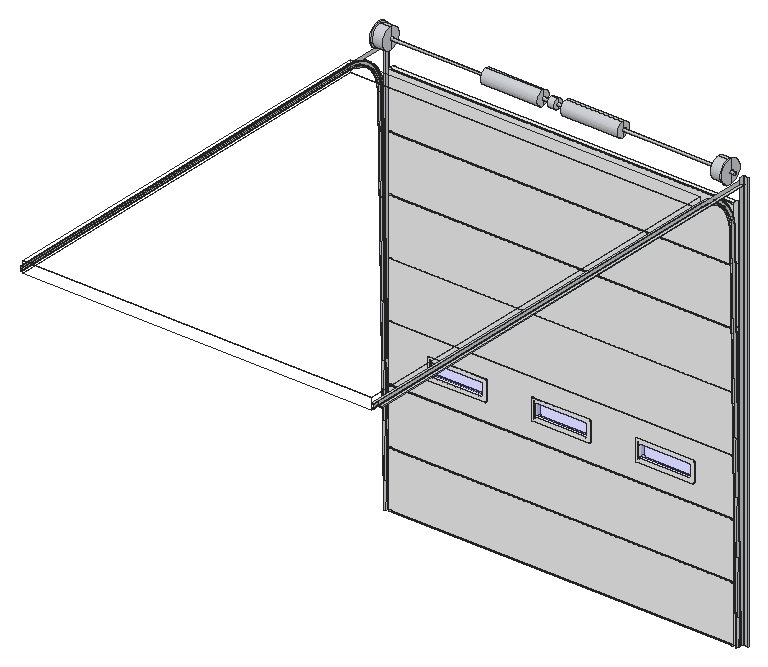
Revit family
Parameters (values of type "By Type")
  Windload = "Doors available rated for various design pressures; consult Clopay for avaialbility and specifications"
  VisSection6 = NumSections = 6  # no
  VisSection5 = NumSections > 4  # yes
  VisSection4 = NumSections > 3  # yes
  VisSection3 = NumSections > 2  # yes
  VisArray = NumSections > 6  # yes
  URL = "www.clopaydoor.com"
  Track Type = Track - Standard Lift : 15" Radius
  Track = "Galvanized steel (gauge varies according to door size)"
  Thickness = 0' - 3"  # constant formula
  Spec Wizard = "http://www.arcat.com/specwizard/08360clo/index.htm"
  Section Height = Height / NumSections  # 2' - 0"
  Section 5 Glazing = 3300 Section : Solid
  Section 4 Glazing = 3300 Section : Solid
  Section 3 Glazing = 3300 Section : Windows - 24x8
  Sales Information = "http://www.clopaydoor.com/where-to-buy.aspx?type=dealer"
  Rough Width = 0' - 0"  # constant formula
  Rough Height = 0' - 0"  # constant formula
  Roof Pitch = 0
  R-Value = "12.15"
  Product Features and Benefits = "http://www.clopaydoor.com/insulated-polystyrene-applications.aspx"
  Overlapping Jamb = yes
  Overlap = if(Overlapping Jamb, 0' 1", 0' 0")  # 0' - 1"
  Opening Width = 12' - 0"
  Opening Height = 14' - 0"
  Opener - Jackshaft Right Side = no
  Opener - Trolley = no
  Opener - Jackshaft Left Side = no
  Omniclass Table = "23-30 10 17 37 "
  NumSectionsNotRounded = Height / 2' 0"  # 7
  NumSections = NumSectionsNotRounded + 0.4999  # 7
  NumArraySections = if(NumSections > 6, NumSections - 5, 2)  # 2
  Model = "3300"
  Maximum Size = "Maximum 28' 2'' wide by 26' 0'' high. Additional limitations may apply do to door weight. Consult Clopay for specificiations and shop drawings."  # constant formula
  Manufacturer Website = "http://www.clopaydoor.com"
  Manufacturer Phone Number = "1-800-526-4301"
  Manufacturer Address = "1400 W. Market St., Troy, OH 45373"
  Manufacturer = "Clopay Building Products Company"
  LEED = "http://products.construction.com/swts_content_files/151607/303186.pdf"
  Keynote = "08 36 13"
  Interior Steel = "28 ga. galvanized, primed, and finish painted"
  High Lift = 4' - 0"
  Hardware = "14 ga. min. steel hinges; 10-ball steel rollers"
  GreenFormat = "http://www.greenformat.com/products/1541-Polystyrene-Insulated-Doors"
  Function = (empty or 0)
  Height = Opening Height + Rough Width * 0  # 14' - 0"
  Wall Closure = (empty or 0)
  Width = Opening Width + Rough Width * 0  # 12' - 0"
  FloorToSection7 = 6 * Section Height  # 12' - 0"
  FloorToSection6 = 5 * Section Height  # 10' - 0"
  FloorToSection5 = 4 * Section Height  # 8' - 0"
  FloorToSection4 = 3 * Section Height  # 6' - 0"
  FloorToSection3 = 2 * Section Height  # 4' - 0"
  FloorToSection2 = Section Height  # 2' - 0"
  File Revision = "01 (Aug, 2012)"
  Exterior Steel = "25 ga. galvanized, primed, and finish painted"
  Double Torsion Shaft = no
  Double End Stiles = Door Width > 14' 2"  # no
  Door Width = Opening Width + Overlap * 2  # 12' - 2"
  Door Height = Opening Height + Rough Width * 0  # 14' - 0"
  Description = "3'' thick polystyrene insulated, stucco embossed 25 gauge steel exterior with light ribbed pattern."
  Core Material = "Expanded polystyrene"
  Copyright = "2010, Clopay Building Products Company, Inc."
  Color = White
  CAD and Specifications = "http://www.clopaydoor.com/insulated-polystyrene-specs.aspx"
  Assembly Code = "B2030410"
Reference planes (in)
  plane 1 "Center (Front/Back)": y = 0
  plane 2 "Center (Left/Right)": x = 0
  plane 3 "Left": x = -72
  plane 4 "Right": x = 72
  plane 5 "Top": z = 168
  plane 6 "Exterior": y = 3
  plane 7 "Interior": y = -3
  plane 8: z = 120
  plane 9: z = 144
Lines and regions (in)
  Opening 1
    outline origin (-90, -3, 0) x (1, 0, 0) y (0, 0, 1)
      loop
        line (18, 0) -> (162, 0) -> (162, 168) -> (18, 168) -> (18, 0)
Text (in)
  text "Exterior" at (-74.96733, 27.31104, 0), in view "Ref. Level"
  text "Interior" at (-74.96733, -25.14366, 0), in view "Ref. Level"
  text "Exterior" at (0, 40.15149, 123.01588), in view "Right"
  text "Interior" at (0, -64.39139, 123.01588), in view "Right"
  text "Interior" at (0, -31.01599, 123.00693), in view "Left"
  text "Exterior" at (0, 54.57065, 123.00693), in view "Left"
Dimensions and locks (in)
  equal spacing: plane 3 "Left", plane 2 "Center (Left/Right)", plane 4 "Right"
  "Height": level to plane 5 "Top"
  "Width": plane 3 "Left" to plane 4 "Right"
  host wall to plane 5 "Top" = 14' - 0"
  nested 2 to plane 7 "Interior" = 0' - 0 1/2"
  "FloorToSection6": plane 8 to level
  "FloorToSection7": plane 9 to level
  group 1 to group 2 = 0' - 0"  (x2)
  group 1 to group 2 = 2' - 0"
  aligned and locked: plane 3 "Left" to Opening 1 sketch curve
  aligned and locked: plane 5 "Top" to Opening 1 sketch curve  (x2)
  aligned and locked: Opening 1 sketch curve to plane 4 "Right"
  aligned and locked: Opening 1 sketch curve to level
  aligned and locked: plane 6 "Exterior" to host wall
  aligned and locked: host wall to plane 7 "Interior"
  aligned and locked: nested 1 to plane 2 "Center (Left/Right)"
  aligned and locked: nested 2 to nested 1
  aligned and locked: plane 2 "Center (Left/Right)" to nested 3
  aligned and locked: plane 2 "Center (Left/Right)" to nested 4
  aligned and locked: plane 2 "Center (Left/Right)" to nested 5
  aligned and locked: nested 6 to nested 1
  aligned and locked: plane 2 "Center (Left/Right)" to nested 7
  aligned and locked: nested 7 to plane 8
  aligned and locked: nested 8 to plane 9
  aligned and locked: plane 2 "Center (Left/Right)" to nested 11
  aligned and locked: plane 7 "Interior" to nested 3
  aligned and locked: plane 7 "Interior" to nested 4
  aligned and locked: plane 7 "Interior" to nested 5  (x2)
  aligned and locked: plane 7 "Interior" to nested 11  (x2)
  aligned and locked: plane 7 "Interior" to nested 8
  aligned and locked: nested 2 to nested 8
  aligned and locked: nested 2 to nested 7
  aligned and locked: host wall to nested 4
Nested families (in)
  nested 1: "Track - Standard Lift" at (0, 0, 0) x (-1, 0, 0) z (0, 0, 1), type <- "Track Type", type "15" Radius"
    with WallToRadiusCenter 1' - 9.33333", VerticalAngleLength 14' - 10", Vertical Track Length 13' - 4", TrackToTrack 12' - 4", Roof Pitch Deg 0.00°, Roof Pitch 0, HorizontalAngleLength -16' - 2.33333", Horizontal Track Length 14' - 6", FloorToTrolleyRail 15' - 8", FloorToShaftCL 15' - 2", FloorToJackShaft 15' - 5", Double Torsion Shaft no, Door Width 12' - 2", Door Height 14' - 0", CenterToLHTrack 6' - 2", HorizontalTrackAngle 90.00°, CenterToRHTrack -6' - 2", CenterToJackShaft 6' - 6"
  nested 2: "3300 Section" at (0, 0, 0), type "Solid"
  nested 3: "3300 Section" at (0, 0, 24), built-in parameter 1001364 <- "Section Height", type "Solid"
  nested 4: "3300 Section" at (0, 0, 120), built-in parameter 1001364 <- "FloorToSection6", visible <- "VisSection6", type "Solid"
  nested 5: "3300 Section" at (0, 0, 96), built-in parameter 1001364 <- "FloorToSection5", type <- "Section 5 Glazing", visible <- "VisSection5", type "Solid"
  nested 6: "3300 Section" at (0, 0, 72), type <- "Section 4 Glazing", built-in parameter 1001364 <- "FloorToSection4", visible <- "VisSection4", type "Solid"
  nested 7: "3300 Section" at (0, 0, 120), visible <- "VisArray", type "Solid"
  nested 8: "3300 Section" at (0, 0, 144), visible <- "VisArray", type "Solid"
  nested 9: "3300 Section" at (0, 4.53003, 370.39685), type "Windows - 24x8", not visible
  nested 10: "3300 Section" at (0, 4.29993, 370.39685), type "Windows - 40x14", not visible
  nested 11: "3300 Section" at (0, 0, 48), built-in parameter 1001364 <- "FloorToSection3", type <- "Section 3 Glazing", type "Windows - 24x8"
Definition of nested family "Track - Standard Lift"
  Parameters (values of type "15" Radius")
    WallToRadiusCenter = Door Thickness + 0' 1" + Vertical Track Length * 0' 0 1/4" / 1' 0" + Track Radius  # 1' - 8.83333"
    VerticalAngleLength = Door Height + 0' 10"  # 12' - 10"
    Vertical Track Length = Door Height - 0' 8"  # 11' - 4"
    TrackToTrack = CenterToLHTrack * 2  # 12' - 2"
    Roof Pitch Deg = atan(Roof Pitch / 12)  # 14.0362°
    Roof Pitch = 3
    Operator - Trolley = no
    Operator - Jack Shaft Right = no
    Operator - Jack Shaft Left = no
    HorizontalAngleLength = -(Horizontal Track Length + Track Radius + Vertical Track Length * 0.25 / 12 + 0' 2" - 0' 1" * Roof Pitch)  # -13' - 10.83333"
    Horizontal Track Length = Door Height + 1' 9" - Track Radius  # 12' - 6"
    FloorToTrolleyRail = FloorToShaftCL + 0' 6" - 0' 0 77/256" * Roof Pitch  # 13' - 7 25/256"
    FloorToShaftCL = Door Height + Track Radius - 0' 1"  # 13' - 2"
    FloorToJackShaft = FloorToShaftCL + 0' 3"  # 13' - 5"
    Double Torsion Shaft = yes
    Door Width = 12' - 0"
    Door Thickness = 0' - 2"
    Door Height = 12' - 0"
    CenterToLHTrack = Door Width / 2 + 0' 1" + Roof Pitch * 0' 0"  # 6' - 1"
    Track Radius = if([12" Radius Track], 1' 0", 1' 3")  # 1' - 3"
    HorizontalTrackAngle = 90.00° - Roof Pitch Deg + Roof Pitch * 0.00°  # 75.9638°
    CenterToRHTrack = -CenterToLHTrack  # -6' - 1"
    CenterToJackShaft = Door Width / 2 + 0' 5"  # 6' - 5"
    15" Radius Track = yes
    12" Radius Track = not([15" Radius Track])  # no
  Types (3): name | WallToRadiusCenter | Horizontal Track Length | FloorToTrolleyRail | FloorToShaftCL | FloorToJackShaft | Track Radius | 15" Radius Track | 12" Radius Track
    (no name) | 1' - 8.83333" | 12' - 6" | 13' - 7 25/256" | 13' - 2" | 13' - 5" | 1' - 3" | yes | no
    15" Radius | 1' - 8.83333" | 12' - 6" | 13' - 7 25/256" | 13' - 2" | 13' - 5" | 1' - 3" | yes | no
    12" Radius | 1' - 5.83333" | 12' - 9" | 13' - 4 25/256" | 12' - 11" | 13' - 2" | 1' - 0" | no | yes
  Reference planes (in)
    plane 1: y = 0
    plane 2 "Center (Left/Right)": x = 0
    plane 3 "Wall Edge": y = 3
    plane 4: y = 23.83333
    plane 5: z = 136
    plane 6: x = 73
    plane 7: x = -73
  Forms (in)
    Sweep 1, solid
      path in 3D
        loop
          line (0, 165.71667, 186.93248) -> (0, 20.1953, 150.55214)
          arc (0, 20.1953, 150.55214) -> (0, 12.10704, 145.35382) -> (0, 8.83659, 136.31243) r 15
          line (0, 8.83659, 136.31243) -> (0, 5.99672, 0)
      profile "Track Profile : Track Profile" origin (0, 7.41665, 68.15622) x (0, 0.999783, -0.020829) y (1, 0, 0)
        loop
          line (-2.03223, 73) -> (-1.97364, 73) -> (-1.97364, 73.826)
          arc (-1.97364, 73.826) -> (-1.9457, 73.89346) -> (-1.87823, 73.92141) r 0.09541
          line (-1.87823, 73.92141) -> (-0.65812, 73.92141)
          arc (-0.65812, 73.92141) -> (-0.63212, 73.9187) -> (-0.60723, 73.91071) r 0.12641
          line (-0.60723, 73.91071) -> (-0.20802, 73.73513)
          arc (-0.20802, 73.73513) -> (-0.05845, 73.52266) -> (-0.17676, 73.29133) r 0.25141
          line (-0.17676, 73.29133) -> (-0.46311, 73.1138) -> (-0.43223, 73.064) -> (-0.14589, 73.24153)
          arc (-0.14589, 73.24153) -> (0, 73.52678) -> (-0.18443, 73.78877) r 0.31
          line (-0.18443, 73.78877) -> (-0.58364, 73.96434)
          arc (-0.58364, 73.96434) -> (-0.62007, 73.97604) -> (-0.65812, 73.98) r 0.185
          line (-0.65812, 73.98) -> (-1.87823, 73.98)
          arc (-1.87823, 73.98) -> (-1.98713, 73.93489) -> (-2.03223, 73.826) r 0.154
          line (-2.03223, 73.826) -> (-2.03223, 73)
    Sweep 2, solid
      path in 3D
        loop
          line (0, 165.71667, 186.93248) -> (0, 20.1953, 150.55214)
          arc (0, 20.1953, 150.55214) -> (0, 12.10704, 145.35382) -> (0, 8.83659, 136.31243) r 15
          line (0, 8.83659, 136.31243) -> (0, 5.99672, 0)
      profile "Track Profile : Track Profile" origin (0, 7.41665, 68.15622) x (0, 0.999783, -0.020829) y (1, 0, 0)
        loop
          line (-2.03223, -73) -> (-2.03223, -73.826)
          arc (-2.03223, -73.826) -> (-1.98713, -73.93489) -> (-1.87823, -73.98) r 0.154
          line (-1.87823, -73.98) -> (-0.65812, -73.98)
          arc (-0.65812, -73.98) -> (-0.62007, -73.97604) -> (-0.58364, -73.96434) r 0.185
          line (-0.58364, -73.96434) -> (-0.18443, -73.78877)
          arc (-0.18443, -73.78877) -> (0, -73.52678) -> (-0.14589, -73.24153) r 0.31
          line (-0.14589, -73.24153) -> (-0.43223, -73.064) -> (-0.46311, -73.1138) -> (-0.17676, -73.29133)
          arc (-0.17676, -73.29133) -> (-0.05845, -73.52266) -> (-0.20802, -73.73513) r 0.25141
          line (-0.20802, -73.73513) -> (-0.60723, -73.91071)
          arc (-0.60723, -73.91071) -> (-0.63212, -73.9187) -> (-0.65812, -73.92141) r 0.12641
          line (-0.65812, -73.92141) -> (-1.87823, -73.92141)
          arc (-1.87823, -73.92141) -> (-1.9457, -73.89346) -> (-1.97364, -73.826) r 0.09541
          line (-1.97364, -73.826) -> (-1.97364, -73) -> (-2.03223, -73)
    Extrusion 3, solid, material "Transparent"
      sketch origin (73, 9, 148.94743) x (0, 0, 1) y (0, 1, 0)
        loop
          line (37.01491, 156.95921) -> (0.63457, 11.43783) -> (5.48528, 10.22516) -> (41.86562, 155.74653) -> (37.01491, 156.95921)
      from 0 to 146 <- "TrackToTrack"
    Extrusion 4, solid
      sketch origin (0, 165.71667, 186.93248) x (0, -0.242536, 0.970143) y (1, 0, 0)
        loop
          line (1.87823, 73.98) -> (1.87823, 74.06107) -> (0.47823, 74.06107) -> (0.47823, 75.48) -> (0.37823, 75.48) -> (0.37823, 73.98) -> (1.87823, 73.98)
      from -2 to -166.83333 <- "HorizontalAngleLength"
    Extrusion 5, solid
      sketch origin (0, 165.71667, 186.93248) x (0, -0.242536, 0.970143) y (1, 0, 0)
        loop
          line (1.87823, -73.98) -> (0.37823, -73.98) -> (0.37823, -75.48) -> (0.47823, -75.48) -> (0.47823, -74.08) -> (1.87823, -74.08) -> (1.87823, -73.98)
      from -2 to -166.83333 <- "HorizontalAngleLength"
    Extrusion 6, solid
      sketch origin (0, 0, 0) x (1, 0, 0) y (0, 1, 0)
        loop
          line (-73.98, 4.63) -> (-74.08, 4.63) -> (-74.08, 3.30484)
          arc (-74.08, 3.30484) -> (-74.14, 3.16) -> (-74.28484, 3.1) r 0.20484
          line (-74.28484, 3.1) -> (-76.26, 3.1) -> (-76.26, 3) -> (-74.28584, 3)
          arc (-74.28584, 3) -> (-74.06958, 3.08958) -> (-73.98, 3.30584) r 0.30584
          line (-73.98, 3.30584) -> (-73.98, 4.63)
        loop
          line (73.98, 4.63) -> (73.98, 3.30584)
          arc (73.98, 3.30584) -> (74.06958, 3.08958) -> (74.28584, 3) r 0.30584
          line (74.28584, 3) -> (76.26, 3) -> (76.26, 3.1) -> (74.28484, 3.1)
          arc (74.28484, 3.1) -> (74.14, 3.16) -> (74.08, 3.30484) r 0.20484
          line (74.08, 3.30484) -> (74.08, 4.63) -> (73.98, 4.63)
      from 0 to 154 <- "VerticalAngleLength"
    Extrusion 7, solid, visible <- "Operator - Jack Shaft Left"
      sketch origin (-60, 3, 0) x (-1, 0, 0) y (0, 0, 1)
        loop
          line (-149, 161) -> (-149, 137) -> (-137, 137) -> (-137, 161) -> (-149, 161)
      from 0 to 12
    Extrusion 8, solid, visible <- "Operator - Jack Shaft Right"
      sketch origin (-60, 3, 0) x (-1, 0, 0) y (0, 0, 1)
        loop
          line (17, 161) -> (17, 137) -> (29, 137) -> (29, 161) -> (17, 161)
      from 0 to 12
    Extrusion 9, solid, visible <- "Operator - Trolley"
      sketch origin (0, 0, 0) x (0, 1, 0) y (0, 0, 1)
        loop
          line (3.39876, 161.11455) -> (164.09305, 193.42697) -> (163.69429, 195.41008) -> (3, 163.09766) -> (3.39876, 161.11455)
      from -1 to 1
    Extrusion 10, solid, visible <- "Operator - Trolley"
      sketch origin (0, 0, 0) x (0, 1, 0) y (0, 0, 1)
        loop
          line (165.95921, 185.96234) -> (189.24263, 191.78319) -> (186.81727, 201.48462) -> (163.53385, 195.66376) -> (165.95921, 185.96234)
      from -12 to 12
  Lines and regions (in)
    reference lines, not visible
      curve 1: line (0, 23.83333, 136) -> (0, 20.1953, 150.55214)
      curve 2: line (0, 23.83333, 136) -> (0, 8.83659, 136.31243)
      curve 3: line (0, 20.1953, 150.55214) -> (0, 165.71667, 186.93248)
      curve 4: line (0, 8.83659, 136.31243) -> (0, 5.99672, 0)
      curve 5: arc (0, 20.1953, 150.55214) -> (0, 12.10704, 145.35382) -> (0, 8.83659, 136.31243) r 15
    sketch lines
      curve 6: line (0, 8.83659, 136.31243) -> (0, 5.99672, 0)
      curve 7: arc (0, 20.1953, 150.55214) -> (0, 12.10704, 145.35382) -> (0, 8.83659, 136.31243) r 15
      curve 8: line (0, 20.1953, 150.55214) -> (0, 165.71667, 186.93248)
      curve 9: line (0, 8.83659, 136.31243) -> (0, 5.99672, 0)
      curve 10: arc (0, 20.1953, 150.55214) -> (0, 12.10704, 145.35382) -> (0, 8.83659, 136.31243) r 15
      curve 11: line (0, 20.1953, 150.55214) -> (0, 165.71667, 186.93248)
  Text (in)
    text "Placement Side" at (0, 40.15149, 123.01588), in view "Right"
    text "Placement Side" at (-70.3804, 28.46503, 0), in view "Ref. Level"
    text "Placement Side" at (0, 81.62555, 140.59947), in view "Left"
  Dimensions and locks (in)
    locked: plane 3 "Wall Edge" to host wall
    "WallToRadiusCenter": plane 3 "Wall Edge" to plane 4
    "Vertical Track Length": plane 5 to level
    "Track Radius": curve 1 to curve 1
    "Track Radius": curve 2 to curve 2
    "CenterToLHTrack": plane 6 to plane 2 "Center (Left/Right)"
    "CenterToLHTrack": plane 2 "Center (Left/Right)" to plane 7
    "Horizontal Track Length": curve 5 to curve 3
    locked: curve 3 to Extrusion 3 sketch curve at 4
    locked: Extrusion 3 sketch curve to curve 3 at 1
    locked: Extrusion 4 sketch curve to Extrusion 4 sketch curve at 1.5  (x2)
    locked: Extrusion 4 sketch curve to Extrusion 4 sketch curve at 0.1
    locked: Sweep 1 to Extrusion 4 sketch curve at 0.08107
    locked: Extrusion 5 sketch curve to Extrusion 5 sketch curve at 0.1
    locked: Extrusion 5 sketch curve to Sweep 2 at 0.1
    locked: Extrusion 5 sketch curve to Extrusion 5 sketch curve at 1.5
    locked: Extrusion 5 sketch curve to Sweep 2 at 1.5
    locked: Extrusion 6 sketch curve to Extrusion 6 sketch curve at 0.1  (x4)
    locked: Extrusion 6 sketch curve to Extrusion 6 sketch curve at 2.28  (x2)
    Extrusion 6 sketch curve to Extrusion 6 sketch curve = 0' - 1.63"
    locked: Extrusion 6 sketch curve to Extrusion 6 sketch curve at 1.63  (x2)
    locked: host wall to nested 1 at 6
    locked: Extrusion 7 sketch curve to Extrusion 7 sketch curve at 12
    locked: Extrusion 7 sketch curve to Extrusion 7 sketch curve at 24
    "FloorToJackShaft": level to Extrusion 7 sketch curve
    "CenterToJackShaft": Extrusion 7 sketch curve to curve 4
    locked: Extrusion 8 sketch curve to Extrusion 8 sketch curve at 24
    locked: Extrusion 8 sketch curve to Extrusion 8 sketch curve at 12
    "CenterToJackShaft": curve 4 to Extrusion 8 sketch curve
    "FloorToShaftCL": nested 1 to level
    locked: Extrusion 9 sketch curve to Extrusion 9 sketch curve at 2.0228
    locked: Extrusion 9 sketch curve to Extrusion 3 at 2.69437
    "FloorToTrolleyRail": Extrusion 9 sketch curve to level
    locked: Extrusion 10 sketch curve to Extrusion 10 sketch curve at 10
    locked: Extrusion 10 sketch curve to Extrusion 10 sketch curve at 24
    "Track Radius": radius of curve 5
    radius of Extrusion 6 sketch curve = 0' - 0.30584"
    radius of Extrusion 6 sketch curve = 0' - 0.20484"
    "HorizontalTrackAngle": angle curve 1 to plane 5
    locked: curve 2 to plane 5 (angle 1.1935°)
    locked: curve 1 to curve 3 (angle 90.00°)
    locked: curve 4 to curve 2 (angle 90.00°)
    angle Extrusion 9 sketch curve to Extrusion 9 sketch curve = 90.00°  (x2)
    aligned and locked: plane 5 to curve 2
    aligned and locked: plane 4 to curve 2
    aligned and locked: level to curve 4
    aligned and locked: Extrusion 3 sketch curve to curve 3
    aligned and locked: Extrusion 3 sketch curve to curve 1
    aligned and locked: Extrusion 4 sketch curve to Sweep 1
    aligned and locked: Extrusion 5 sketch curve to Sweep 2
    aligned and locked: Extrusion 4 to Extrusion 5 sketch curve
    aligned and locked: Sweep 2 to Extrusion 6 sketch curve
    aligned and locked: Extrusion 6 sketch curve to Sweep 1
    aligned and locked: Extrusion 6 sketch curve to host wall
    aligned and locked: nested 1 to curve 4
    aligned and locked: Extrusion 7 to Extrusion 8 sketch curve
    aligned and locked: Extrusion 3 to Extrusion 9 sketch curve
    aligned and locked: host wall to Extrusion 9 sketch curve
    aligned and locked: Extrusion 10 sketch curve to Extrusion 3  (x2)
  Automatic sketch dimensions
    Sweep 1 to Extrusion 4 sketch curve = 0' - 1.59541"
    Extrusion 6 sketch curve to host wall = 0' - 0"
    Extrusion 6 sketch curve to Extrusion 6 sketch curve = 0' - 0.20484"
    Extrusion 6 sketch curve to Extrusion 6 sketch curve = 0' - 0.00101"
  Nested families (in)
    nested 1: "Torsion Assembly - Standard Lift" at (0, 9, 94.84779), type "Torsion Assembly - High Lift"
  Definition of nested family "Torsion Assembly - Standard Lift"
    Parameters (values of type "Torsion Assembly - Standard Lift")
      Spring Length = if(Door Width < 6' 0", 1' 0", 2' 0")  # 2' - 0"
      HalfShaft2Length = HalfShaftLength + 1' 0"  # 7' - 3 1/2"
      Double Torsion Shaft = no
      Door Width = 12' - 0"
      HalfShaftLength = (Door Width + 0' 7") / 2  # 6' - 3 1/2"
      Assembly Code = ""
    Types (2): name | Double Torsion Shaft
      Torsion Assembly - Standard Lift | no
      Torsion Assembly - High Lift | yes
    Reference planes (in)
      plane 1 "Center (Front/Back)": y = 0
      plane 2: z = 63.15221
      plane 3 "Center (Left/Right)": x = 0
      plane 4: z = 75.15221
      plane 5: z = 63.15221
    Forms (in)
      Revolve 1, solid
        sketch origin (0, 0, 0) x (1, 0, 0) y (0, 0, 1)
          loop
            line (5, 63.65221) -> (1.38578, 63.65221) -> (1.38578, 65.15221) -> (-1.36422, 65.15221) -> (-1.36422, 63.65221) -> (-5, 63.65221) -> (-5, 66.15221) -> (-29, 66.15221) -> (-29, 63.65221) -> (-68.5, 63.65221) -> (-68.5, 67.45823) -> (-73, 67.45823) -> (-73, 67.95823) -> (-73.5, 67.95823) -> (-73.5, 63.65221) -> (-75.5, 63.65221) -> (-75.5, 63.15221) -> (-73.5, 63.15221) -> (73.5, 63.15221) -> (75.5, 63.15221) -> (75.5, 63.65221) -> (73.5, 63.65221) -> (73.5, 67.95823) -> (73, 67.95823) -> (73, 67.45823) -> (68.5, 67.45823) -> (68.5, 63.65221) -> (29, 63.65221) -> (29, 66.15221) -> (5, 66.15221) -> (5, 63.65221)
          axis (-75.5, 63.15221) -> (75.5, 63.15221)
        angle from 0 to 360
      Revolve 2, solid, visible <- "Double Torsion Shaft"
        sketch origin (0, 0, 12) x (1, 0, 0) y (0, 0, 1)
          loop
            line (5, 63.65221) -> (1.38578, 63.65221) -> (1.38578, 65.15221) -> (-1.36422, 65.15221) -> (-1.36422, 63.65221) -> (-5, 63.65221) -> (-5, 66.15221) -> (-29, 66.15221) -> (-29, 63.65221) -> (-74.5, 63.65221) -> (-74.5, 67.45823) -> (-79, 67.45823) -> (-79, 67.95823) -> (-79.5, 67.95823) -> (-79.5, 63.65221) -> (-87.5, 63.65221) -> (-87.5, 63.15221) -> (-79.5, 63.15221) -> (79.5, 63.15221) -> (87.5, 63.15221) -> (87.5, 63.65221) -> (79.5, 63.65221) -> (79.5, 67.95823) -> (79, 67.95823) -> (79, 67.45823) -> (74.5, 67.45823) -> (74.5, 63.65221) -> (29, 63.65221) -> (29, 66.15221) -> (5, 66.15221) -> (5, 63.65221)
          axis (-87.5, 63.15221) -> (87.5, 63.15221)
        angle from 0 to 360
    Dimensions and locks (in)
      locked: Revolve 1 sketch curve to Revolve 1 sketch curve at 0.5  (x4)
      locked: Revolve 1 sketch curve to Revolve 1 sketch curve at 4.80602
      locked: Revolve 1 sketch curve to Revolve 1 sketch curve at 2.75
      locked: Revolve 1 sketch curve to plane 3 "Center (Left/Right)" at 1.38578
      locked: Revolve 1 sketch curve to Revolve 1 sketch curve at 3
      locked: Revolve 1 sketch curve to Revolve 1 sketch curve at 2  (x3)
      locked: Revolve 1 sketch curve to plane 3 "Center (Left/Right)" at 5
      "Spring Length": Revolve 1 sketch curve to Revolve 1 sketch curve  (x2)
      locked: plane 3 "Center (Left/Right)" to Revolve 1 sketch curve at 5
      locked: Revolve 1 sketch curve to Revolve 1 sketch curve at 5  (x2)
      "HalfShaftLength": Revolve 1 sketch curve to plane 3 "Center (Left/Right)"
      "HalfShaftLength": plane 3 "Center (Left/Right)" to Revolve 1 sketch curve
      locked: Revolve 2 sketch curve to Revolve 2 sketch curve at 0.5  (x4)
      locked: Revolve 2 sketch curve to Revolve 2 sketch curve at 4.80602
      locked: Revolve 2 sketch curve to Revolve 2 sketch curve at 2.75
      locked: Revolve 2 sketch curve to Revolve 2 sketch curve at 3
      locked: Revolve 2 sketch curve to Revolve 2 sketch curve at 2
      "Spring Length": Revolve 2 sketch curve to Revolve 2 sketch curve  (x2)
      locked: Revolve 2 sketch curve to Revolve 2 sketch curve at 5  (x2)
      locked: Revolve 2 sketch curve to Revolve 2 sketch curve at 8  (x2)
      locked: Revolve 2 to plane 4 at 0.5
      locked: plane 4 to level at 12
      "HalfShaft2Length": plane 3 "Center (Left/Right)" to Revolve 2 sketch curve
      "HalfShaft2Length": Revolve 2 sketch curve to plane 3 "Center (Left/Right)"
      locked: plane 3 "Center (Left/Right)" to Revolve 2 sketch curve at 5
      locked: Revolve 2 sketch curve to plane 3 "Center (Left/Right)" at 5
      aligned and locked: plane 2 to level
      aligned and locked: plane 5 to level
    Automatic sketch dimensions
      Revolve 1 sketch curve to level = 0' - 0"  (x2)
      Revolve 1 sketch curve to Revolve 1 sketch curve = 0' - 0"  (x2)
      Revolve 1 sketch curve to Revolve 1 sketch curve = 0' - 11.98222"
      Revolve 1 sketch curve to Revolve 1 sketch curve = 0' - 11.01778"
      level to Revolve 1 sketch curve = 0' - 0 1/2"  (x4)
      Revolve 1 sketch curve to Revolve 1 sketch curve = 0' - 0 1/2"  (x2)
      Revolve 1 sketch curve to Revolve 1 sketch curve = 0' - 2 1/2"
      Revolve 1 sketch curve to Revolve 1 sketch curve = 0' - 3.80602"
      level to Revolve 2 sketch curve = 1' - 0 1/2"  (x2)
      Revolve 2 sketch curve to Revolve 2 sketch curve = 0' - 0"  (x2)
      Revolve 2 sketch curve to Revolve 2 sketch curve = 0' - 11.98222"
      Revolve 2 sketch curve to plane 3 "Center (Left/Right)" = 0' - 1.36422"
      Revolve 2 sketch curve to Revolve 2 sketch curve = 0' - 11.01778"
      level to Revolve 2 sketch curve = 1' - 0"
      Revolve 2 sketch curve to Revolve 2 sketch curve = 0' - 1 1/2"
      Revolve 2 sketch curve to Revolve 2 sketch curve = 0' - 0 1/2"  (x3)
      Revolve 2 sketch curve to Revolve 2 sketch curve = 0' - 2 1/2"  (x2)
      Revolve 2 sketch curve to Revolve 2 sketch curve = 0' - 3.80602"
Definition of nested family "3300 Section"
  Parameters (values of type "Windows - 24x12")
    X9 = if(if(NumArrayedWindows < NumWindows, NumArrayedWindows + 1, NumWindows) < 9, X1, X8 + WindowSpacing)  # 1' - 5 1/2"
    X8 = if(if(NumArrayedWindows < NumWindows, NumArrayedWindows + 1, NumWindows) < 8, X1, X7 + WindowSpacing)  # 1' - 5 1/2"
    X7 = if(if(NumArrayedWindows < NumWindows, NumArrayedWindows + 1, NumWindows) < 7, X1, X6 + WindowSpacing)  # 1' - 5 1/2"
    X6 = if(if(NumArrayedWindows < NumWindows, NumArrayedWindows + 1, NumWindows) < 6, X1, X5 + WindowSpacing)  # 1' - 5 1/2"
    X5 = if(if(NumArrayedWindows < NumWindows, NumArrayedWindows + 1, NumWindows) < 5, X1, X4 + WindowSpacing)  # 1' - 5 1/2"
    X4 = if(if(NumArrayedWindows < NumWindows, NumArrayedWindows + 1, NumWindows) < 4, X1, X3 + WindowSpacing)  # 1' - 5 1/2"
    X3 = if(or(NumWindows < 3, SingleWindowVis), X1, X2 + WindowSpacing)  # 8' - 9 1/2"
    X2 = if(NumWindows < 2, ((Door Width - (NumWindows - 1) * WindowSpacing) / 2 - Cutout Width / 2), ((Door Width - (NumWindows - 1) * WindowSpacing) / 2 - Cutout Width / 2) + WindowSpacing)  # 5' - 1 1/2"
    Windows (2) = 3200 Window : 24x12
    Windows = 3200 Window Array : 24x12
    WindowSpacing = if(and(Door Width < 10' 0", Door Width > 9' 2"), 3' 4", 3' 8")  # 3' - 8"
    WindowArrayVis = and(or(and(Window Type Index = 4, Door Width > 7' 6", Door Width < 16' 3"), Window Type Index = 3, Window Type Index = 2), not(SingleWindowVis))  # yes
    WindowCutDepth = if(or(Window Type Index = 1, and(Door Width < 7' 8", Window Type Index = 4), and(Window Type Index = 4, Door Width > 16' 2")), -0' 0 13/128", 0' 2")  # 0' - 2"
    Window Type Index = 3
    SingleWindowVis = and(X2 = X1, NumWindows = 3, Window Type Index = 4)  # no
    Section Height = 2' - 0"
    RibSpacing = Section Height / (NumRibs + 1)  # 0' - 4"
    NumWindows = if(Door Width < 9' 4", 2, if(Door Width < 13' 4", 3, if(Door Width < 16' 4", 4, if(Door Width < 20' 4", 5, if(Door Width < 24' 4", 6, if(Door Width < 26' 4", 7, if(Door Width < 31' 8", 8, 10)))))))  # 3
    NumRibs = if(Section Height < 1' 9", 3, if(Section Height < 2' 0", 4, 5))  # 5
    NumArrayedWindows = if(X2 = X1, if(NumWindows < 4, 2, NumWindows - 2), NumWindows)  # 3
    Half Section Height = Section Height / 2  # 1' - 0"
    Half Door Width Neg = -Half Door Width  # -6' - 1"
    Half Door Width = Door Width / 2  # 6' - 1"
    Half Cutout Height = Cutout Height / 2  # 0' - 5 1/2"
    Function = (empty or 0)
    Height = 0' - 0"
    Wall Closure = (empty or 0)
    Width = 0' - 0"
    X1 = if(if(Window Type Index = 4, if(or(and(Door Width < 11' 0", Door Width > 9' 2"), and(Door Width < 15' 3", Door Width > 13' 2")), X2, (Door Width - (NumWindows - 1) * WindowSpacing) / 2 - Cutout Width / 2), if(or(and(Door Width > 16' 2", Door Width < 16' 7")), X2, (Door Width - (NumWindows - 1) * WindowSpacing) / 2 - Cutout Width / 2)) < 0' 1", 0' 1", if(Window Type Index = 4, if(or(and(Door Width < 11' 0", Door Width > 9' 2"), and(Door Width < 15' 3", Door Width > 13' 2")), X2, (Door Width - (NumWindows - 1) * WindowSpacing) / 2 - Cutout Width / 2), if(or(and(Door Width > 16' 2", Door Width < 16' 7")), X2, (Door Width - (NumWindows - 1) * WindowSpacing) / 2 - Cutout Width / 2)))  # 1' - 5 1/2"
    Door Width = 12' - 2"
    CutoutToCutout = 1' - 0"
    Cutout Width = if(Window Type Index = 4, 3' 2", 1' 11")  # 1' - 11"
    Cutout Height = if(Window Type Index = 4, 1' 0", if(Window Type Index = 3, 0' 11", 0' 7"))  # 0' - 11"
    Color = White
    BtmTo1stRib = RibSpacing  # 0' - 4"
    Assembly Code = ""
  Types (4): name | X9 | X8 | X7 | X6 | X5 | X4 | X3 | X2 | Windows (2) | Windows | WindowArrayVis | WindowCutDepth | Window Type Index | Half Cutout Height | X1 | Cutout Width | Cutout Height
    Windows - 24x12 | 1' - 5 1/2" | 1' - 5 1/2" | 1' - 5 1/2" | 1' - 5 1/2" | 1' - 5 1/2" | 1' - 5 1/2" | 8' - 9 1/2" | 5' - 1 1/2" | 3200 Window : 24x12 | 3200 Window Array : 24x12 | yes | 0' - 2" | 3 | 0' - 5 1/2" | 1' - 5 1/2" | 1' - 11" | 0' - 11"
    Windows - 24x8 | 1' - 5 1/2" | 1' - 5 1/2" | 1' - 5 1/2" | 1' - 5 1/2" | 1' - 5 1/2" | 1' - 5 1/2" | 8' - 9 1/2" | 5' - 1 1/2" | 3200 Window : 24x8 | 3200 Window Array : 24x8 | yes | 0' - 2" | 2 | 0' - 3 1/2" | 1' - 5 1/2" | 1' - 11" | 0' - 7"
    Solid | 1' - 5 1/2" | 1' - 5 1/2" | 1' - 5 1/2" | 1' - 5 1/2" | 1' - 5 1/2" | 1' - 5 1/2" | 8' - 9 1/2" | 5' - 1 1/2" | 3200 Window : 24x8 | 3200 Window : 24x8 | no | -0' - 0 13/128" | 1 | 0' - 3 1/2" | 1' - 5 1/2" | 1' - 11" | 0' - 7"
    Windows - 40x14 | 0' - 10" | 0' - 10" | 0' - 10" | 0' - 10" | 0' - 10" | 0' - 10" | 8' - 2" | 4' - 6" | 3200 Window : 40x14 | 3200 Window Array : 40x14 | yes | 0' - 2" | 4 | 0' - 6" | 0' - 10" | 3' - 2" | 1' - 0"
  Reference planes (in)
    plane 1 "Center (Front/Back)": y = 0
    plane 2 "Center (Left/Right)": x = 0
    plane 3 "Exterior": y = 3
    plane 4 "Interior": y = -3
    plane 5: y = -3.5
    plane 6: x = 73
    plane 7: x = -73
    plane 8: z = 4
    plane 9: z = 8
    plane 10: z = 24
    plane 11: z = 12
    plane 12: z = 0
  Forms (in)
    Extrusion 1, solid, material "White" <- "Color"
      sketch origin (-73, -12, 83.08252) x (0, 0, 1) y (0, -1, 0)
        loop
          line (-59.08252, -8.37573) -> (-59.08252, -6.62444)
          arc (-59.08252, -6.62444) -> (-59.11897, -6.53645) -> (-59.20696, -6.5) r 0.12444
          line (-59.20696, -6.5) -> (-82.95809, -6.5)
          arc (-82.95809, -6.5) -> (-83.04608, -6.53645) -> (-83.08252, -6.62444) r 0.12444
          line (-83.08252, -6.62444) -> (-83.08252, -8.37573)
          arc (-83.08252, -8.37573) -> (-83.04612, -8.4636) -> (-82.95825, -8.5) r 0.12427
          line (-82.95825, -8.5) -> (-59.20679, -8.5)
          arc (-59.20679, -8.5) -> (-59.11892, -8.4636) -> (-59.08252, -8.37573) r 0.12427
      from 0 to 146 <- "Door Width"
    Extrusion 2, void
      sketch origin (-98.15385, -3.5, 48) x (1, 0, 0) y (0, 0, 1)
        loop
          line (153.65385, -30.5) -> (130.65385, -30.5) -> (130.65385, -36) -> (153.65385, -36) -> (153.65385, -30.5)
      from 0 to 2 <- "WindowCutDepth"
    Extrusion 3, void
      sketch origin (-98.15385, -3.5, -24) x (1, 0, 0) y (0, 0, 1)
        loop
          line (153.65385, 30.5) -> (153.65385, 36) -> (130.65385, 36) -> (130.65385, 30.5) -> (153.65385, 30.5)
      from 0 to 2 <- "WindowCutDepth"
    Extrusion 4, void
      sketch origin (-136.15385, -3.5, 48) x (1, 0, 0) y (0, 0, 1)
        loop
          line (147.65385, -30.5) -> (124.65385, -30.5) -> (124.65385, -36) -> (147.65385, -36) -> (147.65385, -30.5)
      from 0 to 2 <- "WindowCutDepth"
    Extrusion 5, void
      sketch origin (-136.15385, -3.5, -24) x (1, 0, 0) y (0, 0, 1)
        loop
          line (147.65385, 30.5) -> (147.65385, 36) -> (124.65385, 36) -> (124.65385, 30.5) -> (147.65385, 30.5)
      from 0 to 2 <- "WindowCutDepth"
    Extrusion 6, void
      sketch origin (-171.15385, -3.5, 48) x (1, 0, 0) y (0, 0, 1)
        loop
          line (138.65385, -30.5) -> (115.65385, -30.5) -> (115.65385, -36) -> (138.65385, -36) -> (138.65385, -30.5)
      from 0 to 2 <- "WindowCutDepth"
    Extrusion 7, void
      sketch origin (-171.15385, -3.5, -24) x (1, 0, 0) y (0, 0, 1)
        loop
          line (138.65385, 30.5) -> (138.65385, 36) -> (115.65385, 36) -> (115.65385, 30.5) -> (138.65385, 30.5)
      from 0 to 2 <- "WindowCutDepth"
    Extrusion 8, void
      sketch origin (-214.15385, -3.5, 48) x (1, 0, 0) y (0, 0, 1)
        loop
          line (269.65385, -30.5) -> (246.65385, -30.5) -> (246.65385, -36) -> (269.65385, -36) -> (269.65385, -30.5)
      from 0 to 2 <- "WindowCutDepth"
    Extrusion 9, void
      sketch origin (-214.15385, -3.5, -24) x (1, 0, 0) y (0, 0, 1)
        loop
          line (269.65385, 30.5) -> (269.65385, 36) -> (246.65385, 36) -> (246.65385, 30.5) -> (269.65385, 30.5)
      from 0 to 2 <- "WindowCutDepth"
    Extrusion 10, void
      sketch origin (-256.15385, -3.5, 48) x (1, 0, 0) y (0, 0, 1)
        loop
          line (311.65385, -30.5) -> (288.65385, -30.5) -> (288.65385, -36) -> (311.65385, -36) -> (311.65385, -30.5)
      from 0 to 2 <- "WindowCutDepth"
    Extrusion 11, void
      sketch origin (-256.15385, -3.5, -24) x (1, 0, 0) y (0, 0, 1)
        loop
          line (311.65385, 30.5) -> (311.65385, 36) -> (288.65385, 36) -> (288.65385, 30.5) -> (311.65385, 30.5)
      from 0 to 2 <- "WindowCutDepth"
    Extrusion 12, void
      sketch origin (-294.15385, -3.5, 48) x (1, 0, 0) y (0, 0, 1)
        loop
          line (349.65385, -30.5) -> (326.65385, -30.5) -> (326.65385, -36) -> (349.65385, -36) -> (349.65385, -30.5)
      from 0 to 2 <- "WindowCutDepth"
    Extrusion 13, void
      sketch origin (-294.15385, -3.5, -24) x (1, 0, 0) y (0, 0, 1)
        loop
          line (349.65385, 30.5) -> (349.65385, 36) -> (326.65385, 36) -> (326.65385, 30.5) -> (349.65385, 30.5)
      from 0 to 2 <- "WindowCutDepth"
    Extrusion 14, void
      sketch origin (-331.15385, -3.5, 48) x (1, 0, 0) y (0, 0, 1)
        loop
          line (386.65385, -30.5) -> (363.65385, -30.5) -> (363.65385, -36) -> (386.65385, -36) -> (386.65385, -30.5)
      from 0 to 2 <- "WindowCutDepth"
    Extrusion 15, void
      sketch origin (-331.15385, -3.5, -24) x (1, 0, 0) y (0, 0, 1)
        loop
          line (386.65385, 30.5) -> (386.65385, 36) -> (363.65385, 36) -> (363.65385, 30.5) -> (386.65385, 30.5)
      from 0 to 2 <- "WindowCutDepth"
    Extrusion 16, void
      sketch origin (-368.15385, -3.5, 48) x (1, 0, 0) y (0, 0, 1)
        loop
          line (423.65385, -30.5) -> (400.65385, -30.5) -> (400.65385, -36) -> (423.65385, -36) -> (423.65385, -30.5)
      from 0 to 2 <- "WindowCutDepth"
    Extrusion 17, void
      sketch origin (-368.15385, -3.5, -24) x (1, 0, 0) y (0, 0, 1)
        loop
          line (423.65385, 30.5) -> (423.65385, 36) -> (400.65385, 36) -> (400.65385, 30.5) -> (423.65385, 30.5)
      from 0 to 2 <- "WindowCutDepth"
    Extrusion 18, void
      sketch origin (-407.15385, -3.5, 48) x (1, 0, 0) y (0, 0, 1)
        loop
          line (462.65385, -30.5) -> (439.65385, -30.5) -> (439.65385, -36) -> (462.65385, -36) -> (462.65385, -30.5)
      from 0 to 2 <- "WindowCutDepth"
    Extrusion 19, void
      sketch origin (-407.15385, -3.5, -24) x (1, 0, 0) y (0, 0, 1)
        loop
          line (462.65385, 30.5) -> (462.65385, 36) -> (439.65385, 36) -> (439.65385, 30.5) -> (462.65385, 30.5)
      from 0 to 2 <- "WindowCutDepth"
    Extrusion 20, void
      sketch origin (0, -17.99967, -0.5) x (0, 1, 0) y (0, 0, -1)
        loop
          line (14.49967, -4.62727) -> (14.49967, -4.37273) -> (14.46935, -4.41942)
          arc (14.46935, -4.41942) -> (14.46214, -4.43506) -> (14.45967, -4.4521) r 0.06
          line (14.45967, -4.4521) -> (14.45967, -4.5479)
          arc (14.45967, -4.5479) -> (14.46214, -4.56494) -> (14.46935, -4.58058) r 0.06
          line (14.46935, -4.58058) -> (14.49967, -4.62727)
      from -73 <- "Half Door Width Neg" to 146 <- "Door Width"
    Extrusion 21, void
      sketch origin (0, -17.99967, 3.5) x (0, 1, 0) y (0, 0, -1)
        loop
          line (14.49967, -4.62727) -> (14.49967, -4.37273) -> (14.46935, -4.41942)
          arc (14.46935, -4.41942) -> (14.46214, -4.43506) -> (14.45967, -4.4521) r 0.06
          line (14.45967, -4.4521) -> (14.45967, -4.5479)
          arc (14.45967, -4.5479) -> (14.46214, -4.56494) -> (14.46935, -4.58058) r 0.06
          line (14.46935, -4.58058) -> (14.49967, -4.62727)
      from -73 <- "Half Door Width Neg" to 146 <- "Door Width"
    Extrusion 22, void
      sketch origin (0, -17.99967, 7.5) x (0, 1, 0) y (0, 0, -1)
        loop
          line (14.49967, -4.62727) -> (14.49967, -4.37273) -> (14.46935, -4.41942)
          arc (14.46935, -4.41942) -> (14.46214, -4.43506) -> (14.45967, -4.4521) r 0.06
          line (14.45967, -4.4521) -> (14.45967, -4.5479)
          arc (14.45967, -4.5479) -> (14.46214, -4.56494) -> (14.46935, -4.58058) r 0.06
          line (14.46935, -4.58058) -> (14.49967, -4.62727)
      from -73 <- "Half Door Width Neg" to 146 <- "Door Width"
    Extrusion 23, void
      sketch origin (0, -17.99967, 11.5) x (0, 1, 0) y (0, 0, -1)
        loop
          line (14.49967, -4.62727) -> (14.49967, -4.37273) -> (14.46935, -4.41942)
          arc (14.46935, -4.41942) -> (14.46214, -4.43506) -> (14.45967, -4.4521) r 0.06
          line (14.45967, -4.4521) -> (14.45967, -4.5479)
          arc (14.45967, -4.5479) -> (14.46214, -4.56494) -> (14.46935, -4.58058) r 0.06
          line (14.46935, -4.58058) -> (14.49967, -4.62727)
      from -73 <- "Half Door Width Neg" to 146 <- "Door Width"
    Extrusion 24, void
      sketch origin (0, -8.99984, 15.5) x (0, 1, 0) y (0, 0, -1)
        loop
          line (5.49984, -4.62727) -> (5.49984, -4.37273) -> (5.46952, -4.41942)
          arc (5.46952, -4.41942) -> (5.46231, -4.43506) -> (5.45984, -4.4521) r 0.06
          line (5.45984, -4.4521) -> (5.45984, -4.5479)
          arc (5.45984, -4.5479) -> (5.46231, -4.56494) -> (5.46952, -4.58058) r 0.06
          line (5.46952, -4.58058) -> (5.49984, -4.62727)
      from -73 <- "Half Door Width Neg" to 146 <- "Door Width"
  Cuts and joins
    Extrusion 2, Extrusion 3, Extrusion 4, Extrusion 5, Extrusion 6, Extrusion 7, Extrusion 8, Extrusion 9, Extrusion 10, Extrusion 11, Extrusion 12, Extrusion 13, Extrusion 14, Extrusion 15, Extrusion 16, Extrusion 17, Extrusion 18, Extrusion 19, Extrusion 20, Extrusion 21, Extrusion 22, Extrusion 23, Extrusion 24 cuts Extrusion 1
  Lines and regions (in)
    reference lines
      curve 1: line (-72, -3.54, 4) -> (-72, -3.5, 4)
      curve 2: line (-72, -3.54, 8) -> (-72, -3.5, 8)
      curve 3: line (-72, -3.54, 12) -> (-72, -3.5, 12)
      curve 4: line (-72, -3.54, 16) -> (-72, -3.5, 16)
      curve 5: line (-72, -3.54, 20) -> (-72, -3.5, 20)
  Text (in)
    text "Exterior" at (-74.96733, 27.31104, 0), in view "Ref. Level"
    text "Interior" at (-74.96733, -25.14366, 0), in view "Ref. Level"
    text "Exterior" at (0, 40.15149, 123.01588), in view "Right"
    text "Interior" at (0, -64.39139, 123.01588), in view "Right"
    text "Interior" at (0, -31.01599, 123.00693), in view "Left"
    text "Exterior" at (0, 54.57065, 123.00693), in view "Left"
  Dimensions and locks (in)
    plane 4 "Interior" to plane 5 = 0' - 0 1/2"
    "Half Door Width": plane 2 "Center (Left/Right)" to plane 7
    "Half Door Width": plane 6 to plane 2 "Center (Left/Right)"
    Extrusion 1 sketch curve to Extrusion 1 sketch curve = 0' - 2"
    "BtmTo1stRib": plane 8 to level
    "RibSpacing": plane 9 to plane 8
    "Section Height": plane 10 to level
    "Half Section Height": level to plane 11
    "Cutout Width": Extrusion 2 sketch curve to Extrusion 2 sketch curve
    "Half Cutout Height": Extrusion 2 sketch curve to Extrusion 2 sketch curve
    "Cutout Width": Extrusion 3 sketch curve to Extrusion 3 sketch curve
    "Half Cutout Height": Extrusion 3 sketch curve to Extrusion 3 sketch curve
    "X1": cut or joined group 1 (Extrusion 1, Extrusion 2, Extrusion 3, Extrusion 4, Extrusion 5, Extrusion 6, Extrusion 7, Extrusion 8, Extrusion 9, Extrusion 10, Extrusion 11, Extrusion 12, Extrusion 13, Extrusion 14, Extrusion 15, Extrusion 16, Extrusion 17, Extrusion 18, Extrusion 19, Extrusion 20, Extrusion 21, Extrusion 22, Extrusion 23, Extrusion 24) to cut or joined group 1
    "Cutout Width": Extrusion 4 sketch curve to Extrusion 4 sketch curve
    "Half Cutout Height": Extrusion 4 sketch curve to Extrusion 4 sketch curve
    "Cutout Width": Extrusion 5 sketch curve to Extrusion 5 sketch curve
    "Half Cutout Height": Extrusion 5 sketch curve to Extrusion 5 sketch curve
    "Cutout Width": Extrusion 6 sketch curve to Extrusion 6 sketch curve
    "Half Cutout Height": Extrusion 6 sketch curve to Extrusion 6 sketch curve
    "Cutout Width": Extrusion 7 sketch curve to Extrusion 7 sketch curve
    "Half Cutout Height": Extrusion 7 sketch curve to Extrusion 7 sketch curve
    "X2": plane 6 to cut or joined group 1
    "X3": plane 6 to cut or joined group 1
    "Cutout Width": Extrusion 8 sketch curve to Extrusion 8 sketch curve
    "Half Cutout Height": Extrusion 8 sketch curve to Extrusion 8 sketch curve
    "Cutout Width": Extrusion 9 sketch curve to Extrusion 9 sketch curve
    "Half Cutout Height": Extrusion 9 sketch curve to Extrusion 9 sketch curve
    "Cutout Width": Extrusion 10 sketch curve to Extrusion 10 sketch curve
    "Half Cutout Height": Extrusion 10 sketch curve to Extrusion 10 sketch curve
    "Cutout Width": Extrusion 11 sketch curve to Extrusion 11 sketch curve
    "Half Cutout Height": Extrusion 11 sketch curve to Extrusion 11 sketch curve
    "Cutout Width": Extrusion 12 sketch curve to Extrusion 12 sketch curve
    "Half Cutout Height": Extrusion 12 sketch curve to Extrusion 12 sketch curve
    "Cutout Width": Extrusion 13 sketch curve to Extrusion 13 sketch curve
    "Half Cutout Height": Extrusion 13 sketch curve to Extrusion 13 sketch curve
    "Cutout Width": Extrusion 14 sketch curve to Extrusion 14 sketch curve
    "Half Cutout Height": Extrusion 14 sketch curve to Extrusion 14 sketch curve
    "Cutout Width": Extrusion 15 sketch curve to Extrusion 15 sketch curve
    "Half Cutout Height": Extrusion 15 sketch curve to Extrusion 15 sketch curve
    "Cutout Width": Extrusion 16 sketch curve to Extrusion 16 sketch curve
    "Half Cutout Height": Extrusion 16 sketch curve to Extrusion 16 sketch curve
    "Cutout Width": Extrusion 17 sketch curve to Extrusion 17 sketch curve
    "Half Cutout Height": Extrusion 17 sketch curve to Extrusion 17 sketch curve
    "Cutout Width": Extrusion 18 sketch curve to Extrusion 18 sketch curve
    "Half Cutout Height": Extrusion 18 sketch curve to Extrusion 18 sketch curve
    "Cutout Width": Extrusion 19 sketch curve to Extrusion 19 sketch curve
    "Half Cutout Height": Extrusion 19 sketch curve to Extrusion 19 sketch curve
    "X4": plane 6 to cut or joined group 1
    "X5": plane 6 to cut or joined group 1
    "X6": plane 6 to cut or joined group 1
    "X7": plane 6 to cut or joined group 1
    "X8": plane 6 to cut or joined group 1
    "X9": plane 6 to cut or joined group 1
    locked: nested 1 to cut or joined group 1 at 1  (x2)
    locked: nested 1 to cut or joined group 1 at 0.125
    locked: nested 2 to cut or joined group 1 at 1  (x2)
    locked: nested 2 to plane 5 at 0.125
    Extrusion 20 sketch curve to Extrusion 20 sketch curve = 0' - 0.25454"
    Extrusion 20 sketch curve to Extrusion 20 sketch curve = 0' - 0.04"  (x2)
    Extrusion 20 sketch curve to curve 1 = 0' - 0.12727"
    Extrusion 21 sketch curve to Extrusion 21 sketch curve = 0' - 0.25454"
    Extrusion 21 sketch curve to Extrusion 21 sketch curve = 0' - 0.04"  (x2)
    Extrusion 21 sketch curve to curve 2 = 0' - 0.12727"
    equal spacing: group 1, group 2, group 3, group 4, group 5  (x3)
    Extrusion 22 sketch curve to Extrusion 22 sketch curve = 0' - 0.25454"
    Extrusion 22 sketch curve to Extrusion 22 sketch curve = 0' - 0.04"  (x2)
    Extrusion 22 sketch curve to curve 3 = 0' - 0.12727"
    locked: plane 5 to plane 4 "Interior" at 0.5
    Extrusion 23 sketch curve to Extrusion 23 sketch curve = 0' - 0.25454"
    Extrusion 23 sketch curve to Extrusion 23 sketch curve = 0' - 0.04"  (x2)
    Extrusion 23 sketch curve to curve 4 = 0' - 0.12727"
    Extrusion 24 sketch curve to Extrusion 24 sketch curve = 0' - 0.25454"
    Extrusion 24 sketch curve to Extrusion 24 sketch curve = 0' - 0.04"  (x2)
    Extrusion 24 sketch curve to curve 5 = 0' - 0.12727"
    radius of Extrusion 1 sketch curve = 0' - 0.12427"  (x2)
    radius of Extrusion 1 sketch curve = 0' - 0.12444"  (x2)
    angle Extrusion 20 sketch curve to Extrusion 20 sketch curve = 147.00°  (x2)
    angle Extrusion 21 sketch curve to Extrusion 21 sketch curve = 147.00°  (x2)
    angle Extrusion 22 sketch curve to Extrusion 22 sketch curve = 147.00°  (x2)
    angle Extrusion 23 sketch curve to Extrusion 23 sketch curve = 147.00°  (x2)
    angle Extrusion 24 sketch curve to Extrusion 24 sketch curve = 147.00°  (x2)
    aligned and locked: Extrusion 1 sketch curve to plane 5
    aligned and locked: Extrusion 2 sketch curve to plane 11
    aligned and locked: plane 11 to Extrusion 3 sketch curve
    aligned and locked: cut or joined group 1 to cut or joined group 1  (x9)
    aligned and locked: plane 12 to level
    aligned: plane 9 to curve 2  (x2)
    aligned and locked: plane 8 to curve 1
    aligned and locked: plane 9 to curve 2
  Automatic sketch dimensions
    curve 1 to curve 1 = 0' - 0.04"
    Extrusion 20 sketch curve to Extrusion 20 sketch curve = 0' - 0"
    Extrusion 20 sketch curve to Extrusion 20 sketch curve = 0' - 0.02"
    Extrusion 20 sketch curve to Extrusion 20 sketch curve = 0' - 0.00968"  (x2)
    Extrusion 21 sketch curve to Extrusion 21 sketch curve = 0' - 0"
    Extrusion 21 sketch curve to Extrusion 21 sketch curve = 0' - 0.02"
    Extrusion 21 sketch curve to Extrusion 21 sketch curve = 0' - 0.00968"  (x2)
    Extrusion 22 sketch curve to Extrusion 22 sketch curve = 0' - 0"
    Extrusion 22 sketch curve to Extrusion 22 sketch curve = 0' - 0.02"
    Extrusion 22 sketch curve to Extrusion 22 sketch curve = 0' - 0.00968"  (x2)
    Extrusion 1 sketch curve to level = 0' - 0"
    Extrusion 1 sketch curve to plane 10 = 0' - 0"
    plane 2 "Center (Left/Right)" to Extrusion 2 sketch curve = 2' - 8 1/2"
    plane 2 "Center (Left/Right)" to Extrusion 3 sketch curve = 2' - 8 1/2"
    Extrusion 4 sketch curve to plane 11 = 0' - 0"
    Extrusion 4 sketch curve to plane 2 "Center (Left/Right)" = 0' - 11 1/2"
    Extrusion 5 sketch curve to plane 11 = 0' - 0"
    Extrusion 5 sketch curve to plane 2 "Center (Left/Right)" = 0' - 11 1/2"
    Extrusion 6 sketch curve to plane 11 = 0' - 0"
    plane 7 to Extrusion 6 sketch curve = 1' - 5 1/2"
    Extrusion 7 sketch curve to plane 11 = 0' - 0"
    plane 7 to Extrusion 7 sketch curve = 1' - 5 1/2"
    Extrusion 8 sketch curve to plane 11 = 0' - 0"
    plane 2 "Center (Left/Right)" to Extrusion 8 sketch curve = 2' - 8 1/2"
    Extrusion 9 sketch curve to plane 11 = 0' - 0"
    plane 2 "Center (Left/Right)" to Extrusion 9 sketch curve = 2' - 8 1/2"
    Extrusion 10 sketch curve to plane 11 = 0' - 0"
    plane 2 "Center (Left/Right)" to Extrusion 10 sketch curve = 2' - 8 1/2"
    Extrusion 11 sketch curve to plane 11 = 0' - 0"
    plane 2 "Center (Left/Right)" to Extrusion 11 sketch curve = 2' - 8 1/2"
    Extrusion 12 sketch curve to plane 11 = 0' - 0"
    plane 2 "Center (Left/Right)" to Extrusion 12 sketch curve = 2' - 8 1/2"
    Extrusion 13 sketch curve to plane 11 = 0' - 0"
    plane 2 "Center (Left/Right)" to Extrusion 13 sketch curve = 2' - 8 1/2"
    Extrusion 14 sketch curve to plane 11 = 0' - 0"
    plane 2 "Center (Left/Right)" to Extrusion 14 sketch curve = 2' - 8 1/2"
    Extrusion 15 sketch curve to plane 11 = 0' - 0"
    plane 2 "Center (Left/Right)" to Extrusion 15 sketch curve = 2' - 8 1/2"
    Extrusion 16 sketch curve to plane 11 = 0' - 0"
    plane 2 "Center (Left/Right)" to Extrusion 16 sketch curve = 2' - 8 1/2"
    Extrusion 17 sketch curve to plane 11 = 0' - 0"
    plane 2 "Center (Left/Right)" to Extrusion 17 sketch curve = 2' - 8 1/2"
    Extrusion 18 sketch curve to plane 11 = 0' - 0"
    plane 2 "Center (Left/Right)" to Extrusion 18 sketch curve = 2' - 8 1/2"
    Extrusion 19 sketch curve to plane 11 = 0' - 0"
    plane 2 "Center (Left/Right)" to Extrusion 19 sketch curve = 2' - 8 1/2"
    Extrusion 23 sketch curve to Extrusion 23 sketch curve = 0' - 0"
    Extrusion 23 sketch curve to Extrusion 23 sketch curve = 0' - 0.02"
    Extrusion 23 sketch curve to Extrusion 23 sketch curve = 0' - 0.00968"  (x2)
    Extrusion 24 sketch curve to Extrusion 24 sketch curve = 0' - 0"
    Extrusion 24 sketch curve to Extrusion 24 sketch curve = 0' - 0.02"
    Extrusion 24 sketch curve to Extrusion 24 sketch curve = 0' - 0.00968"  (x2)
  Nested families (in)
    nested 1: "3200 Window Array" at (44, -3.375, 7.5) x (-1, 0, 0) z (0, 0, 1), type <- "Windows", visible <- "WindowArrayVis", type "24x12"
      with NumWindows 3, Frame Width 2' - 1", Frame Height 1' - 1"
    nested 2: "3200 Window" at (7.05882, -3.375, 6.85294), type <- "Windows (2)", visible <- "SingleWindowVis", type "24x12"
  Definition of nested family "3200 Window Array"
    Parameters (values of type "40x14")
      Window Spacing = 3' - 8"
      NumWindows = 4
      Frame Width = 3' - 4"
      Frame Height = 1' - 2"
      Color = Tan
      Assembly Code = ""
    Types (3): name | Frame Width | Frame Height
      24x8 | 2' - 1" | 0' - 9"
      28x14 | 2' - 4" | 1' - 2"
      40x14 | 3' - 4" | 1' - 2"
    Reference planes (in)
      plane 1 "Center (Front/Back)": y = 0
      plane 2: z = 0
      plane 3 "Center (Left/Right)": x = 0
      plane 4: y = -1
    Forms (in)
      Extrusion 1, solid, material "Tan" <- "Color"
        sketch origin (-1.38592, 0, 0) x (1, 0, 0) y (0, 0, 1)
          loop
            line (-15.92291, -0.72794) -> (19.57709, -0.72794)
            arc (19.57709, -0.72794) -> (20.01904, -0.54488) -> (20.20209, -0.10294) r 0.625
            line (20.20209, -0.10294) -> (20.20209, 9.39706)
            arc (20.20209, 9.39706) -> (20.01904, 9.839) -> (19.57709, 10.02206) r 0.625
            line (19.57709, 10.02206) -> (-15.92291, 10.02206)
            arc (-15.92291, 10.02206) -> (-16.36485, 9.839) -> (-16.54791, 9.39706) r 0.625
            line (-16.54791, 9.39706) -> (-16.54791, -0.10294)
            arc (-16.54791, -0.10294) -> (-16.36485, -0.54488) -> (-15.92291, -0.72794) r 0.625
          loop
            line (-17.54791, -2.35294) -> (21.20209, -2.35294)
            arc (21.20209, -2.35294) -> (21.64404, -2.16988) -> (21.82709, -1.72794) r 0.625
            line (21.82709, -1.72794) -> (21.82709, 11.02206)
            arc (21.82709, 11.02206) -> (21.64404, 11.464) -> (21.20209, 11.64706) r 0.625
            line (21.20209, 11.64706) -> (-17.54791, 11.64706)
            arc (-17.54791, 11.64706) -> (-17.98985, 11.464) -> (-18.17291, 11.02206) r 0.625
            line (-18.17291, 11.02206) -> (-18.17291, -1.72794)
            arc (-18.17291, -1.72794) -> (-17.98985, -2.16988) -> (-17.54791, -2.35294) r 0.625
        from 0 to 2.25
